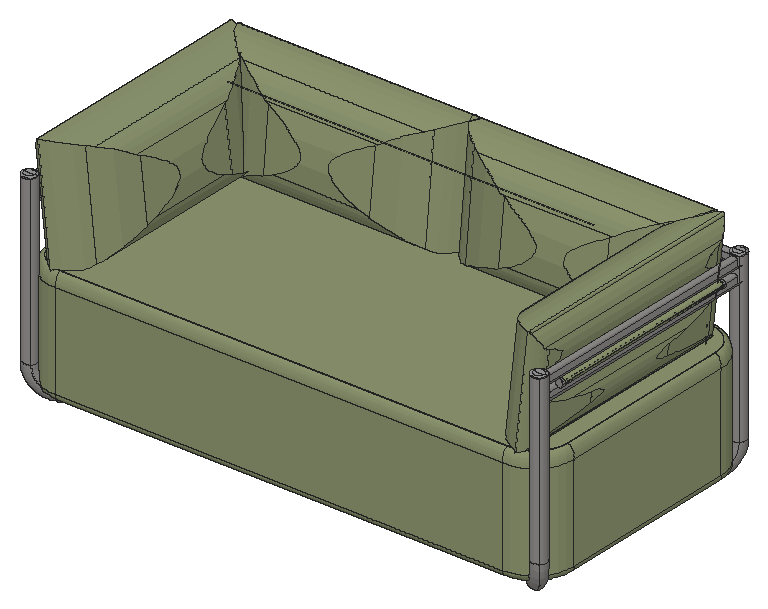
Revit family "FU_Modular_Sandler_Cosmo 1501", category Furniture, Revit 2020
Family settings
  OmniClass Number = 23.40.20.00
  OmniClass Title = General Furniture and Specialties
  Work Plane-Based = No
  Always vertical = Yes
  Cut with Voids When Loaded = No
  Shared = No
  Room Calculation Point = No
Parameters (values of type "Cosmo 1501")
  Width = 1740 mm
  URL = "https://www.sandlerseating.com/product/cosmo-1501/"
  Seat [instance] = Fabric - X2 - Algebra AK005
  Model = "Cosmo 1501"
  Manufacturer = "Sandler"
  Height = 800 mm
  Frame [instance] = Metal - Paint -AL VR - Pewter
  Description = "Upholstered, comfortable loveseat in the Cosmo range of modular seating. Features an exposed steel frame that comes in a variety of colors."
  Depth = 880 mm
  Default Elevation = 0 mm
Reference planes
  plane 1 "Center (Front/Back)": y = 0
  plane 2: z = 0
  plane 3 "Center (Left/Right)": x = 0
  plane 4 "Right": x = -870
  plane 5 "Left": x = 870
  plane 6 "Back": y = 440
  plane 7 "Front": y = -440
  plane 8 "Height": z = 800
  plane 9 "Seat height": z = 440
  plane 10 "Frame Base C RIGHT": z = 33.282
  plane 11 "Frame Front C RIGHT": y = -414.45
  plane 12 "Frame Back C RIGHT": y = 415.775
  plane 13 "Frame Left C FRONT": x = 845.501
  plane 14 "Frame Back Left C TOP": through (524.563, 94.979, 1200) normal (-0.7071, 0.7071, 0)
  plane 15 "Frame Front Left C TOP": through (524.497, -93.945, 1200) normal (0.7071, 0.7071, 0)
  plane 16 "Frame Right C FRONT": x = -845.501
  plane 17 "Frame Back Right C TOP": through (-524.563, 94.979, 1200) normal (-0.7071, -0.7071, 0)
  plane 18 "Frame Front Right C TOP": through (-524.497, -93.945, 1200) normal (0.7071, -0.7071, 0)
  plane 19: x = 430.068
  plane 20 "Frame Left C FRONT": x = 530.501
  plane 21 "Frame Back Left C TOP": through (209.563, 94.979, 1200) normal (-0.7071, 0.7071, 0)
  plane 22 "Frame Front Left C TOP": through (209.497, -93.945, 1200) normal (0.7071, 0.7071, 0)
  plane 23: x = 115.068
  plane 24: x = -430.068
  plane 25 "Frame Right C FRONT": x = -530.501
  plane 26 "Frame Back Right C TOP": through (-209.563, 94.979, 1200) normal (-0.7071, -0.7071, 0)
  plane 27 "Frame Front Right C TOP": through (-209.497, -93.945, 1200) normal (0.7071, -0.7071, 0)
  plane 28: x = -115.068
Forms (mm)
  Sweep 1, solid, material "Metal - Paint -AL VR - Pewter" <- "Frame"
    path origin (0, 0, 33.282) x (0, -1, 0) y (1, 0, 0)
      loop
        line (319.706, 750.757) -> (73.771, 504.822)
        arc (73.771, 504.822) -> (-0.733, 473.961) -> (-75.238, 504.822) r 105.365
        line (-75.238, 504.822) -> (-321.173, 750.757)
    profile "Pro_Circles : 48mm" origin (627.789, -196.738, 33.282) x (-0.707107, -0.707107, 0) y (0, 0, 1)
      loop
        arc (-23.967, 0.067) -> (-17.014, -16.92) -> (-0.066, -23.967) r 23.901
        arc (-0.066, -23.967) -> (16.967, -16.967) -> (23.967, 0.067) r 23.901
        arc (23.967, 0.067) -> (16.92, 17.014) -> (-0.067, 23.967) r 23.9
        arc (-0.067, 23.967) -> (-16.966, 16.966) -> (-23.967, 0.067) r 23.9
  Sweep 2, solid, material "Metal - Paint -AL VR - Pewter" <- "Frame"
    path origin (215.276, 215.276, 0) x (-0.707107, 0.707107, 0) y (0, 0, 1)
      loop
        line (-889.976, 691) -> (-889.976, 138.282)
        arc (-889.976, 138.282) -> (-859.222, 64.036) -> (-784.976, 33.282) r 105
        line (-784.976, 33.282) -> (-754.976, 33.282)
    profile "Pro_Circles : 48mm" origin (844.584, -414.032, 414.641) x (-0.707107, 0.707107, 0) y (0.707107, 0.707107, 0)
      loop
        arc (-23.967, 0.067) -> (-17.014, -16.92) -> (-0.066, -23.967) r 23.901
        arc (-0.066, -23.967) -> (16.967, -16.967) -> (23.967, 0.067) r 23.901
        arc (23.967, 0.067) -> (16.92, 17.014) -> (-0.067, 23.967) r 23.9
        arc (-0.067, 23.967) -> (-16.966, 16.966) -> (-23.967, 0.067) r 23.9
  Sweep 3, solid, material "Metal - Paint -AL VR - Pewter" <- "Frame"
    path origin (214.792, -214.792, 0) x (-0.707107, -0.707107, 0) y (0, 0, 1)
      loop
        line (-889.976, 691) -> (-889.976, 138.282)
        arc (-889.976, 138.282) -> (-859.222, 64.036) -> (-784.976, 33.282) r 105
        line (-784.976, 33.282) -> (-754.976, 33.282)
    profile "Pro_Circles : 48mm" origin (844.1, 414.516, 414.641) x (-0.707107, -0.707107, 0) y (-0.707107, 0.707107, 0)
      loop
        arc (23.967, 0.067) -> (16.966, 16.966) -> (0.067, 23.967) r 23.9
        arc (0.067, 23.967) -> (-16.92, 17.014) -> (-23.967, 0.067) r 23.9
        arc (-23.967, 0.067) -> (-16.967, -16.967) -> (0.066, -23.967) r 23.901
        arc (0.066, -23.967) -> (17.014, -16.92) -> (23.967, 0.067) r 23.901
  Sweep 4, solid, material "Metal - Paint -AL VR - Pewter" <- "Frame"
    path origin (0, 0, 33.282) x (0, -1, 0) y (-1, 0, 0)
      loop
        line (319.955, 750.508) -> (74.02, 504.573)
        arc (74.02, 504.573) -> (-0.484, 473.712) -> (-74.988, 504.573) r 105.365
        line (-74.988, 504.573) -> (-321.173, 750.757)
    profile "Pro_Circles : 48mm" origin (-627.54, -196.988, 33.282) x (-0.707107, 0.707107, 0) y (0, 0, 1)
      loop
        arc (23.967, 0.067) -> (16.966, 16.966) -> (0.067, 23.967) r 23.9
        arc (0.067, 23.967) -> (-16.92, 17.014) -> (-23.967, 0.067) r 23.9
        arc (-23.967, 0.067) -> (-16.967, -16.967) -> (0.066, -23.967) r 23.901
        arc (0.066, -23.967) -> (17.014, -16.92) -> (23.967, 0.067) r 23.901
  Sweep 5, solid, material "Metal - Paint -AL VR - Pewter" <- "Frame"
    path origin (-530.47, -99.918, 0) x (0.707107, 0.707107, 0) y (0, 0, 1)
      loop
        line (-444.498, 691) -> (-444.498, 138.282)
        arc (-444.498, 138.282) -> (-413.745, 64.036) -> (-339.498, 33.282) r 105
        line (-339.498, 33.282) -> (-309.498, 33.282)
    profile "Pro_Circles : 48mm" origin (-844.778, -414.226, 414.641) x (-0.707107, -0.707107, 0) y (-0.707107, 0.707107, 0)
      loop
        arc (23.967, 0.067) -> (16.966, 16.966) -> (0.067, 23.967) r 23.9
        arc (0.067, 23.967) -> (-16.92, 17.014) -> (-23.967, 0.067) r 23.9
        arc (-23.967, 0.067) -> (-16.967, -16.967) -> (0.066, -23.967) r 23.901
        arc (0.066, -23.967) -> (17.014, -16.92) -> (23.967, 0.067) r 23.901
  Sweep 6, solid, material "Metal - Paint -AL VR - Pewter" <- "Frame"
    path origin (-529.587, 100.003, 0) x (0.707107, -0.707107, 0) y (0, 0, 1)
      loop
        line (-444.498, 691) -> (-444.498, 138.282)
        arc (-444.498, 138.282) -> (-413.745, 64.036) -> (-339.498, 33.282) r 105
        line (-339.498, 33.282) -> (-309.498, 33.282)
    profile "Pro_Circles : 48mm" origin (-843.895, 414.31, 414.641) x (-0.707107, 0.707107, 0) y (0.707107, 0.707107, 0)
      loop
        arc (-23.967, 0.067) -> (-17.014, -16.92) -> (-0.066, -23.967) r 23.901
        arc (-0.066, -23.967) -> (16.967, -16.967) -> (23.967, 0.067) r 23.901
        arc (23.967, 0.067) -> (16.92, 17.014) -> (-0.067, 23.967) r 23.9
        arc (-0.067, 23.967) -> (-16.966, 16.966) -> (-23.967, 0.067) r 23.9
  Sweep 7, solid, material "Metal - Paint -AL VR - Pewter" <- "Frame"
    path origin (845.501, 0, 0) x (0, 0, 1) y (0, -1, 0)
      loop
        line (667.4, 414.45) -> (667.4, -415.775)
    profile "Pro_Cosmo_Oval Tube : Pro_Cosmo_Oval Tube" origin (845.501, 0.662, 667.4) x (0, 0, 1) y (1, 0, 0)
      loop
        arc (-10.07, 10) -> (-20.07, 0) -> (-10.07, -10) r 10
        line (-10.07, -10) -> (10.07, -10)
        arc (10.07, -10) -> (20.07, 0) -> (10.07, 10) r 10
        line (10.07, 10) -> (-10.07, 10)
  Sweep 8, solid, material "Metal - Paint -AL VR - Pewter" <- "Frame"
    path origin (845.501, 0, 0) x (0, 0, 1) y (0, -1, 0)
      loop
        line (617.39, -415.775) -> (617.39, 414.45)
    profile "Pro_Cosmo_Oval Tube : Pro_Cosmo_Oval Tube" origin (845.501, 0.662, 617.39) x (0, 0, -1) y (1, 0, 0)
      loop
        arc (-10.07, 10) -> (-20.07, 0) -> (-10.07, -10) r 10
        line (-10.07, -10) -> (10.07, -10)
        arc (10.07, -10) -> (20.07, 0) -> (10.07, 10) r 10
        line (10.07, 10) -> (-10.07, 10)
  Sweep 9, solid, material "Metal - Paint -AL VR - Pewter" <- "Frame"
    path origin (845.501, 0, 0) x (0, 0, 1) y (0, -1, 0)
      loop
        line (642.954, -318.158) -> (642.954, 352.842)
    profile "Pro_Circles : 20mm" origin (845.501, -17.342, 642.954) x (0, 0, -1) y (1, 0, 0)
      loop
        arc (-9.967, 18.567) -> (-7.115, 11.48) -> (-0.067, 8.533) r 9.901
        arc (-0.067, 8.533) -> (7.068, 11.432) -> (9.967, 18.567) r 9.901
        arc (9.967, 18.567) -> (7.02, 25.615) -> (-0.067, 28.467) r 9.901
        arc (-0.067, 28.467) -> (-7.067, 25.567) -> (-9.967, 18.567) r 9.9
  Sweep 10, solid, material "Metal - Paint -AL VR - Pewter" <- "Frame"
    path origin (845.501, -0.925, 0) x (0, 0, 1) y (0, -1, 0)
      loop
        line (642.954, 344.821) -> (642.954, 352.842)
    profile "Pro_Circles : 24mm" origin (845.501, -349.757, 642.954) x (0, 0, -1) y (1, 0, 0)
      loop
        arc (-11.967, 18.567) -> (-8.529, 10.066) -> (-0.067, 6.533) r 11.901
        arc (-0.067, 6.533) -> (8.482, 10.018) -> (11.967, 18.567) r 11.901
        arc (11.967, 18.567) -> (8.434, 27.029) -> (-0.067, 30.467) r 11.901
        arc (-0.067, 30.467) -> (-8.481, 26.981) -> (-11.967, 18.567) r 11.9
  Sweep 11, solid, material "Metal - Paint -AL VR - Pewter" <- "Frame"
    path origin (845.501, -33.679, 0) x (0, 0, 1) y (0, 1, 0)
      loop
        line (642.954, 344.821) -> (642.954, 352.842)
    profile "Pro_Circles : 24mm" origin (845.501, 315.153, 642.954) x (0, 0, 1) y (1, 0, 0)
      loop
        arc (11.967, 18.567) -> (8.481, 26.981) -> (0.067, 30.467) r 11.9
        arc (0.067, 30.467) -> (-8.434, 27.029) -> (-11.967, 18.567) r 11.901
        arc (-11.967, 18.567) -> (-8.482, 10.018) -> (0.067, 6.533) r 11.901
        arc (0.067, 6.533) -> (8.529, 10.066) -> (11.967, 18.567) r 11.901
  Sweep 12, solid, material "Metal - Paint -AL VR - Pewter" <- "Frame"
    path origin (-845.501, 0, 0) x (0, 0, 1) y (0, -1, 0)
      loop
        line (667.4, 414.45) -> (667.4, -415.775)
    profile "Pro_Cosmo_Oval Tube : Pro_Cosmo_Oval Tube" origin (-845.501, 0.662, 667.4) x (0, 0, -1) y (-1, 0, 0)
      loop
        line (-10.07, -10) -> (10.07, -10)
        arc (10.07, -10) -> (20.07, 0) -> (10.07, 10) r 10
        line (10.07, 10) -> (-10.07, 10)
        arc (-10.07, 10) -> (-20.07, 0) -> (-10.07, -10) r 10
  Sweep 13, solid, material "Metal - Paint -AL VR - Pewter" <- "Frame"
    path origin (-845.501, 0, 0) x (0, 0, 1) y (0, -1, 0)
      loop
        line (617.39, -415.775) -> (617.39, 414.45)
    profile "Pro_Cosmo_Oval Tube : Pro_Cosmo_Oval Tube" origin (-845.501, 0.662, 617.39) x (0, 0, 1) y (-1, 0, 0)
      loop
        line (-10.07, -10) -> (10.07, -10)
        arc (10.07, -10) -> (20.07, 0) -> (10.07, 10) r 10
        line (10.07, 10) -> (-10.07, 10)
        arc (-10.07, 10) -> (-20.07, 0) -> (-10.07, -10) r 10
  Sweep 14, solid, material "Metal - Paint -AL VR - Pewter" <- "Frame"
    path origin (0, 415.775, 0) x (0, 0, 1) y (1, 0, 0)
      loop
        line (667.39, -845.832) -> (667.39, 845.168)
    profile "Pro_Cosmo_Oval Tube : Pro_Cosmo_Oval Tube" origin (-0.332, 415.775, 667.39) x (0, 0, -1) y (0, 1, 0)
      loop
        arc (-10.07, 10) -> (-20.07, 0) -> (-10.07, -10) r 10
        line (-10.07, -10) -> (10.07, -10)
        arc (10.07, -10) -> (20.07, 0) -> (10.07, 10) r 10
        line (10.07, 10) -> (-10.07, 10)
  Sweep 15, solid, material "Metal - Paint -AL VR - Pewter" <- "Frame"
    path origin (0, 415.775, 0) x (0, 0, 1) y (1, 0, 0)
      loop
        line (619.39, -845.832) -> (619.39, 845.168)
    profile "Pro_Cosmo_Oval Tube : Pro_Cosmo_Oval Tube" origin (-0.332, 415.775, 619.39) x (0, 0, -1) y (0, 1, 0)
      loop
        arc (-10.07, 10) -> (-20.07, 0) -> (-10.07, -10) r 10
        line (-10.07, -10) -> (10.07, -10)
        arc (10.07, -10) -> (20.07, 0) -> (10.07, 10) r 10
        line (10.07, 10) -> (-10.07, 10)
  Sweep 16, solid, material "Metal - Paint -AL VR - Pewter" <- "Frame"
    path origin (-75.636, 440, 0) x (-1, 0, 0) y (0, 0, 1)
      loop
        line (649, 643.39) -> (-14.693, 643.39)
    profile "Pro_Circles : 20mm" origin (-392.789, 440, 643.39) x (0, 0, -1) y (0, 1, 0)
      loop
        arc (-9.967, -5.933) -> (-7.115, -13.02) -> (-0.067, -15.967) r 9.901
        arc (-0.067, -15.967) -> (7.068, -13.068) -> (9.967, -5.933) r 9.901
        arc (9.967, -5.933) -> (7.02, 1.115) -> (-0.067, 3.967) r 9.901
        arc (-0.067, 3.967) -> (-7.067, 1.067) -> (-9.967, -5.933) r 9.9
  Sweep 17, solid, material "Metal - Paint -AL VR - Pewter" <- "Frame"
    path origin (-702.918, 415.775, 0) x (0, 0, 1) y (1, 0, 0)
      loop
        line (643.39, 640.957) -> (643.39, 648.957)
    profile "Pro_Circles : 24mm" origin (-57.96, 415.775, 643.39) x (0, 0, -1) y (0, 1, 0)
      loop
        arc (-11.967, 18.567) -> (-8.529, 10.066) -> (-0.067, 6.533) r 11.901
        arc (-0.067, 6.533) -> (8.482, 10.018) -> (11.967, 18.567) r 11.901
        arc (11.967, 18.567) -> (8.434, 27.029) -> (-0.067, 30.467) r 11.901
        arc (-0.067, 30.467) -> (-8.481, 26.981) -> (-11.967, 18.567) r 11.9
  Sweep 18, solid, material "Metal - Paint -AL VR - Pewter" <- "Frame"
    path origin (-845.501, 0, 0) x (0, 0, 1) y (0, -1, 0)
      loop
        line (642.954, -318.158) -> (642.954, 352.842)
    profile "Pro_Circles : 20mm" origin (-845.501, -17.342, 642.954) x (0, 0, 1) y (-1, 0, 0)
      loop
        arc (9.967, 18.567) -> (7.067, 25.567) -> (0.067, 28.467) r 9.9
        arc (0.067, 28.467) -> (-7.02, 25.615) -> (-9.967, 18.567) r 9.901
        arc (-9.967, 18.567) -> (-7.068, 11.432) -> (0.067, 8.533) r 9.901
        arc (0.067, 8.533) -> (7.115, 11.48) -> (9.967, 18.567) r 9.901
  Sweep 19, solid, material "Metal - Paint -AL VR - Pewter" <- "Frame"
    path origin (-845.501, 0, 0) x (0, 0, 1) y (0, -1, 0)
      loop
        line (642.954, 345.746) -> (642.954, 353.767)
    profile "Pro_Circles : 24mm" origin (-845.501, -349.757, 642.954) x (0, 0, 1) y (-1, 0, 0)
      loop
        arc (11.967, 18.567) -> (8.481, 26.981) -> (0.067, 30.467) r 11.9
        arc (0.067, 30.467) -> (-8.434, 27.029) -> (-11.967, 18.567) r 11.901
        arc (-11.967, 18.567) -> (-8.482, 10.018) -> (0.067, 6.533) r 11.901
        arc (0.067, 6.533) -> (8.529, 10.066) -> (11.967, 18.567) r 11.901
  Sweep 20, solid, material "Metal - Paint -AL VR - Pewter" <- "Frame"
    path origin (-845.501, 0, 0) x (0, 0, 1) y (0, -1, 0)
      loop
        line (642.954, -311.142) -> (642.954, -319.163)
    profile "Pro_Circles : 24mm" origin (-845.501, 315.153, 642.954) x (0, 0, -1) y (-1, 0, 0)
      loop
        arc (-11.967, 18.567) -> (-8.529, 10.066) -> (-0.067, 6.533) r 11.901
        arc (-0.067, 6.533) -> (8.482, 10.018) -> (11.967, 18.567) r 11.901
        arc (11.967, 18.567) -> (8.434, 27.029) -> (-0.067, 30.467) r 11.901
        arc (-0.067, 30.467) -> (-8.481, 26.981) -> (-11.967, 18.567) r 11.9
  Sweep 21, solid, material "Metal - Paint -AL VR - Pewter" <- "Frame"
    path origin (-77.003, 415.775, 0) x (0, 0, 1) y (-1, 0, 0)
      loop
        line (643.39, 640.957) -> (643.39, 648.957)
    profile "Pro_Circles : 24mm" origin (-721.96, 415.775, 643.39) x (0, 0, 1) y (0, 1, 0)
      loop
        arc (11.967, 18.567) -> (8.481, 26.981) -> (0.067, 30.467) r 11.9
        arc (0.067, 30.467) -> (-8.434, 27.029) -> (-11.967, 18.567) r 11.901
        arc (-11.967, 18.567) -> (-8.482, 10.018) -> (0.067, 6.533) r 11.901
        arc (0.067, 6.533) -> (8.529, 10.066) -> (11.967, 18.567) r 11.901
  Revolve 22, solid, material "Rubber, Black"
    sketch origin (-0.781, -414.45, 0) x (0, 0, -1) y (1, 0, 0)
      loop
        line (-695.421, 845.33) -> (-695.421, 826.266)
        arc (-695.421, 826.266) -> (-694.22, 823.04) -> (-691.201, 821.385) r 4.933
        arc (-691.201, 821.385) -> (-690.636, 821.55) -> (-690.39, 822.086) r 0.708
        line (-690.39, 822.086) -> (-690.39, 823.836) -> (-685.421, 823.836) -> (-685.421, 845.33) -> (-695.421, 845.33)
      axis (-695.421, 845.33) -> (-685.421, 845.33)
    angle from 0 to 360
  Revolve 23, solid, material "Rubber, Black"
    sketch origin (0.781, -414.45, 0) x (0, 0, -1) y (-1, 0, 0)
      loop
        line (-695.421, 845.33) -> (-695.421, 826.266)
        arc (-695.421, 826.266) -> (-694.22, 823.04) -> (-691.201, 821.385) r 4.933
        arc (-691.201, 821.385) -> (-690.636, 821.55) -> (-690.39, 822.086) r 0.708
        line (-690.39, 822.086) -> (-690.39, 823.836) -> (-685.421, 823.836) -> (-685.421, 845.33) -> (-695.421, 845.33)
      axis (-695.421, 845.33) -> (-685.421, 845.33)
    angle from 0 to 360
  Revolve 24, solid, material "Rubber, Black"
    sketch origin (-0.781, 414.001, 0) x (0, 0, -1) y (-1, 0, 0)
      loop
        line (-695.421, -845.33) -> (-685.421, -845.33) -> (-685.421, -823.836) -> (-690.39, -823.836) -> (-690.39, -822.086)
        arc (-690.39, -822.086) -> (-690.636, -821.55) -> (-691.201, -821.385) r 0.708
        arc (-691.201, -821.385) -> (-694.22, -823.04) -> (-695.421, -826.266) r 4.933
        line (-695.421, -826.266) -> (-695.421, -845.33)
      axis (-695.421, -845.33) -> (-685.421, -845.33)
    angle from 0 to 360
  Revolve 25, solid, material "Rubber, Black"
    sketch origin (0.781, 414.001, 0) x (0, 0, -1) y (-1, 0, 0)
      loop
        line (-695.421, 845.33) -> (-695.421, 826.266)
        arc (-695.421, 826.266) -> (-694.22, 823.04) -> (-691.201, 821.385) r 4.933
        arc (-691.201, 821.385) -> (-690.636, 821.55) -> (-690.39, 822.086) r 0.708
        line (-690.39, 822.086) -> (-690.39, 823.836) -> (-685.421, 823.836) -> (-685.421, 845.33) -> (-695.421, 845.33)
      axis (-695.421, 845.33) -> (-685.421, 845.33)
    angle from 0 to 360
  Extrusion 26, solid, material "Rubber, Black"
    sketch origin (0, 0, 0) x (1, 0, 0) y (0, 1, 0)
      loop
        circle (699.746, 270.162) r 12.5
    from 0 to 33.282
  Extrusion 27, solid, material "Rubber, Black"
    sketch origin (0, 0, 0) x (1, 0, 0) y (0, 1, 0)
      loop
        circle (699.746, -270.162) r 12.5
    from 0 to 33.282
  Extrusion 28, solid, material "Rubber, Black"
    sketch origin (0, 0, 0) x (-1, 0, 0) y (0, -1, 0)
      loop
        circle (699.746, -270.162) r 12.5
    from 0 to 33.282
  Extrusion 29, solid, material "Rubber, Black"
    sketch origin (0, 0, 0) x (-1, 0, 0) y (0, -1, 0)
      loop
        circle (699.746, 270.162) r 12.5
    from 0 to 33.282
  Extrusion 30, solid, material "Fabric - X2 - Algebra AK005" <- "Seat"
    sketch origin (0, 0, 33.282) x (0, -1, 0) y (1, 0, 0)
      loop
        arc (-415.775, -740.667) -> (-383.557, -818.448) -> (-305.775, -850.667) r 110
        line (-305.775, -850.667) -> (304.45, -850.667)
        arc (304.45, -850.667) -> (382.232, -818.448) -> (414.45, -740.667) r 110
        line (414.45, -740.667) -> (414.45, 740.667)
        arc (414.45, 740.667) -> (382.232, 818.448) -> (304.45, 850.667) r 110
        line (304.45, 850.667) -> (-305.775, 850.667)
        arc (-305.775, 850.667) -> (-383.557, 818.448) -> (-415.775, 740.667) r 110
        line (-415.775, 740.667) -> (-415.775, -740.667)
    from 25.7 to 406.718
  Sweep 31, solid, material "Fabric - X2 - Algebra AK005" <- "Seat"
    path in 3D
      loop
        arc (-850.667, -304.45, 440) -> (-818.448, -382.232, 440) -> (-740.667, -414.45, 440) r 110
        line (-740.667, -414.45, 440) -> (740.667, -414.45, 440)
        arc (740.667, -414.45, 440) -> (818.448, -382.232, 440) -> (850.667, -304.45, 440) r 110
        line (850.667, -304.45, 440) -> (850.667, 305.775, 440)
        arc (850.667, 305.775, 440) -> (818.448, 383.557, 440) -> (740.667, 415.775, 440) r 110
        line (740.667, 415.775, 440) -> (-740.667, 415.775, 440)
        arc (-740.667, 415.775, 440) -> (-818.448, 383.557, 440) -> (-850.667, 305.775, 440) r 110
        line (-850.667, 305.775, 440) -> (-850.667, -304.45, 440)
    profile "Pro_Cosmo_SeatEdge : Pro_Cosmo_SeatEdge" origin (-850.667, 0.662, 440) x (1, 0, 0) y (0, 0, 1)
      loop
        line (-21, -42) -> (-21, -360)
        arc (-21, -360) -> (-14.849, -374.849) -> (0, -381) r 21
        line (0, -381) -> (0, 0)
        spline (0, 0) -> (-2.741, -0.359) -> (-5.435, -1.431) -> (-8.036, -3.197) -> (-10.5, -5.627) -> (-12.784, -8.679) -> (-14.849, -12.302) -> (-16.66, -16.432) -> (-18.187, -21) -> (-19.401, -25.927) -> (-20.284, -31.13) -> (-20.82, -36.518) -> (-21, -42)
  Sweep 32, solid, material "Metal - Paint -AL VR - Pewter" <- "Frame"
    path origin (75.636, 440, 0) x (1, 0, 0) y (0, 0, 1)
      loop
        line (649, 643.39) -> (-14.693, 643.39)
    profile "Pro_Circles : 20mm" origin (392.789, 440, 643.39) x (0, 0, 1) y (0, 1, 0)
      loop
        arc (9.967, -5.933) -> (7.067, 1.067) -> (0.067, 3.967) r 9.9
        arc (0.067, 3.967) -> (-7.02, 1.115) -> (-9.967, -5.933) r 9.901
        arc (-9.967, -5.933) -> (-7.068, -13.068) -> (0.067, -15.967) r 9.901
        arc (0.067, -15.967) -> (7.115, -13.02) -> (9.967, -5.933) r 9.901
  Sweep 33, solid, material "Metal - Paint -AL VR - Pewter" <- "Frame"
    path origin (702.918, 415.775, 0) x (0, 0, 1) y (-1, 0, 0)
      loop
        line (643.39, 640.957) -> (643.39, 648.957)
    profile "Pro_Circles : 24mm" origin (57.96, 415.775, 643.39) x (0, 0, 1) y (0, 1, 0)
      loop
        arc (11.967, 18.567) -> (8.481, 26.981) -> (0.067, 30.467) r 11.9
        arc (0.067, 30.467) -> (-8.434, 27.029) -> (-11.967, 18.567) r 11.901
        arc (-11.967, 18.567) -> (-8.482, 10.018) -> (0.067, 6.533) r 11.901
        arc (0.067, 6.533) -> (8.529, 10.066) -> (11.967, 18.567) r 11.901
  Sweep 34, solid, material "Metal - Paint -AL VR - Pewter" <- "Frame"
    path origin (77.003, 415.775, 0) x (0, 0, 1) y (1, 0, 0)
      loop
        line (643.39, 640.957) -> (643.39, 648.957)
    profile "Pro_Circles : 24mm" origin (721.96, 415.775, 643.39) x (0, 0, -1) y (0, 1, 0)
      loop
        arc (-11.967, 18.567) -> (-8.529, 10.066) -> (-0.067, 6.533) r 11.901
        arc (-0.067, 6.533) -> (8.482, 10.018) -> (11.967, 18.567) r 11.901
        arc (11.967, 18.567) -> (8.434, 27.029) -> (-0.067, 30.467) r 11.901
        arc (-0.067, 30.467) -> (-8.481, 26.981) -> (-11.967, 18.567) r 11.9
Cuts and joins
  joined: Sweep 9, Sweep 10, Sweep 11
  joined: Sweep 18, Sweep 19, Sweep 20
  joined: Sweep 16, Sweep 17, Sweep 21
Lines and regions (mm)
  sketch lines
    curve 1: line (-850.667, 305.775, 440) -> (-850.667, -304.45, 440)
    curve 2: arc (-740.667, -414.45, 440) -> (-818.448, -382.232, 440) -> (-850.667, -304.45, 440) r 110
    curve 3: line (-740.667, -414.45, 440) -> (740.667, -414.45, 440)
    curve 4: arc (850.667, -304.45, 440) -> (818.448, -382.232, 440) -> (740.667, -414.45, 440) r 110
    curve 5: line (850.667, -304.45, 440) -> (850.667, 305.775, 440)
    curve 6: arc (740.667, 415.775, 440) -> (818.448, 383.557, 440) -> (850.667, 305.775, 440) r 110
    curve 7: line (740.667, 415.775, 440) -> (-740.667, 415.775, 440)
    curve 8: arc (-850.667, 305.775, 440) -> (-818.448, 383.557, 440) -> (-740.667, 415.775, 440) r 110
Dimensions and locks
  equal spacing: plane 4 "Right", plane 3 "Center (Left/Right)", plane 5 "Left"
  "Width": plane 4 "Right" to plane 5 "Left"
  equal spacing: plane 6 "Back", plane 1 "Center (Front/Back)", plane 7 "Front"
  "Depth": plane 6 "Back" to plane 7 "Front"
  "Height": plane 8 "Height" to level
  plane 9 "Seat height" to level = 440 mm
  locked: plane 4 "Right" to plane 16 "Frame Right C FRONT" at 24.499
  locked: plane 13 "Frame Left C FRONT" to plane 5 "Left" at 24.499
  locked: plane 19 to plane 13 "Frame Left C FRONT" at 415.433
  locked: plane 16 "Frame Right C FRONT" to plane 24 at 415.433
  aligned and locked: level to plane 2
  aligned and locked: Sweep 4 sketch curve to plane 18 "Frame Front Right C TOP"
  aligned and locked: Sweep 4 sketch curve to plane 17 "Frame Back Right C TOP"
Automatic sketch dimensions
  Sweep 1 sketch curve to plane 14 "Frame Back Left C TOP" = 0 mm  (x2)
  plane 19 to Sweep 1 sketch curve = 74.754 mm
  Sweep 1 sketch curve to plane 1 "Center (Front/Back)" = 0.733 mm
  plane 1 "Center (Front/Back)" to Sweep 1 sketch curve = 73.771 mm
  Sweep 1 sketch curve to Sweep 1 sketch curve = 74.504 mm
  Sweep 1 sketch curve to plane 12 "Frame Back C RIGHT" = 94.602 mm
  Sweep 1 sketch curve to plane 11 "Frame Front C RIGHT" = 94.744 mm
  Sweep 1 sketch curve to plane 13 "Frame Left C FRONT" = 94.744 mm
  plane 10 "Frame Base C RIGHT" to Sweep 2 sketch curve = 0 mm
  plane 10 "Frame Base C RIGHT" to Sweep 2 sketch curve = 105 mm
  Sweep 2 sketch curve to plane 14 "Frame Back Left C TOP" = 586.214 mm
  Sweep 2 sketch curve to Sweep 2 sketch curve = 30 mm
  Sweep 2 sketch curve to plane 8 "Height" = 109 mm
  plane 10 "Frame Base C RIGHT" to Sweep 3 sketch curve = 0 mm
  plane 10 "Frame Base C RIGHT" to Sweep 3 sketch curve = 105 mm
  plane 15 "Frame Front Left C TOP" to Sweep 3 sketch curve = 585.529 mm
  Sweep 3 sketch curve to Sweep 3 sketch curve = 30 mm
  Sweep 3 sketch curve to plane 8 "Height" = 109 mm
  plane 24 to Sweep 4 sketch curve = 74.504 mm
  Sweep 4 sketch curve to plane 1 "Center (Front/Back)" = 74.02 mm
  Sweep 4 sketch curve to Sweep 4 sketch curve = 74.504 mm
  plane 12 "Frame Back C RIGHT" to Sweep 4 sketch curve = 94.602 mm
  plane 11 "Frame Front C RIGHT" to Sweep 4 sketch curve = 94.495 mm
  plane 10 "Frame Base C RIGHT" to Sweep 5 sketch curve = 0 mm
  Sweep 5 sketch curve to plane 10 "Frame Base C RIGHT" = 105 mm
  plane 17 "Frame Back Right C TOP" to Sweep 5 sketch curve = 586.488 mm
  Sweep 5 sketch curve to Sweep 5 sketch curve = 30 mm
  plane 8 "Height" to Sweep 5 sketch curve = 109 mm
  plane 10 "Frame Base C RIGHT" to Sweep 6 sketch curve = 0 mm
  Sweep 6 sketch curve to plane 10 "Frame Base C RIGHT" = 105 mm
  Sweep 6 sketch curve to plane 18 "Frame Front Right C TOP" = 585.239 mm
  Sweep 6 sketch curve to Sweep 6 sketch curve = 30 mm
  plane 8 "Height" to Sweep 6 sketch curve = 109 mm
  Sweep 7 sketch curve to plane 12 "Frame Back C RIGHT" = 0 mm
  Sweep 7 sketch curve to plane 11 "Frame Front C RIGHT" = 0 mm
  Sweep 7 sketch curve to plane 8 "Height" = 132.6 mm
  Sweep 8 sketch curve to plane 11 "Frame Front C RIGHT" = 0 mm
  Sweep 8 sketch curve to plane 12 "Frame Back C RIGHT" = 0 mm
  plane 9 "Seat height" to Sweep 8 sketch curve = 177.39 mm
  Sweep 9 sketch curve to plane 11 "Frame Front C RIGHT" = 61.608 mm
  Sweep 9 sketch curve to plane 8 "Height" = 157.046 mm
  Sweep 9 sketch curve to plane 12 "Frame Back C RIGHT" = 97.617 mm
  Sweep 10 sketch curve to plane 11 "Frame Front C RIGHT" = 60.683 mm
  Sweep 10 sketch curve to plane 8 "Height" = 157.046 mm
  Sweep 10 sketch curve to Sweep 10 sketch curve = 8.021 mm
  plane 8 "Height" to Sweep 11 sketch curve = 157.046 mm
  plane 12 "Frame Back C RIGHT" to Sweep 11 sketch curve = 104.633 mm
  Sweep 11 sketch curve to Sweep 11 sketch curve = 8.021 mm
  Sweep 12 sketch curve to plane 12 "Frame Back C RIGHT" = 0 mm
  Sweep 12 sketch curve to plane 11 "Frame Front C RIGHT" = 0 mm
  plane 8 "Height" to Sweep 12 sketch curve = 132.6 mm
  Sweep 13 sketch curve to plane 11 "Frame Front C RIGHT" = 0 mm
  Sweep 13 sketch curve to plane 12 "Frame Back C RIGHT" = 0 mm
  Sweep 13 sketch curve to plane 9 "Seat height" = 177.39 mm
  Sweep 14 sketch curve to plane 13 "Frame Left C FRONT" = 0.333 mm
  Sweep 14 sketch curve to plane 8 "Height" = 132.61 mm
  plane 16 "Frame Right C FRONT" to Sweep 14 sketch curve = 0.331 mm
  Sweep 15 sketch curve to plane 13 "Frame Left C FRONT" = 0.333 mm
  plane 9 "Seat height" to Sweep 15 sketch curve = 179.39 mm
  plane 16 "Frame Right C FRONT" to Sweep 15 sketch curve = 0.331 mm
  Sweep 16 sketch curve to plane 3 "Center (Left/Right)" = 60.943 mm
  Sweep 16 sketch curve to plane 8 "Height" = 156.61 mm
  Sweep 16 sketch curve to plane 16 "Frame Right C FRONT" = 120.865 mm
  Sweep 17 sketch curve to plane 3 "Center (Left/Right)" = 53.96 mm
  Sweep 17 sketch curve to plane 8 "Height" = 156.61 mm
  Sweep 17 sketch curve to Sweep 17 sketch curve = 8 mm
  plane 11 "Frame Front C RIGHT" to Sweep 18 sketch curve = 61.608 mm
  plane 8 "Height" to Sweep 18 sketch curve = 157.046 mm
  plane 12 "Frame Back C RIGHT" to Sweep 18 sketch curve = 97.617 mm
  plane 11 "Frame Front C RIGHT" to Sweep 19 sketch curve = 60.683 mm
  plane 8 "Height" to Sweep 19 sketch curve = 157.046 mm
  Sweep 19 sketch curve to Sweep 19 sketch curve = 8.021 mm
  plane 8 "Height" to Sweep 20 sketch curve = 157.046 mm
  plane 12 "Frame Back C RIGHT" to Sweep 20 sketch curve = 96.612 mm
  Sweep 20 sketch curve to Sweep 20 sketch curve = 8.021 mm
  plane 8 "Height" to Sweep 21 sketch curve = 156.61 mm
  plane 16 "Frame Right C FRONT" to Sweep 21 sketch curve = 127.541 mm
  Sweep 21 sketch curve to Sweep 21 sketch curve = 8 mm
  Revolve 22 sketch curve to plane 13 "Frame Left C FRONT" = 0.952 mm  (x2)
  Revolve 22 sketch curve to plane 8 "Height" = 104.579 mm
  Revolve 22 sketch curve to Revolve 22 sketch curve = 4.322 mm
  Revolve 22 sketch curve to Revolve 22 sketch curve = 0.611 mm
  Revolve 22 sketch curve to Revolve 22 sketch curve = 0.708 mm
  Revolve 22 sketch curve to Revolve 22 sketch curve = 4.97 mm
  Revolve 22 sketch curve to Revolve 22 sketch curve = 19.065 mm
  Revolve 22 sketch curve to Revolve 22 sketch curve = 2.43 mm
  Revolve 22 sketch curve to Revolve 22 sketch curve = 1.75 mm
  Revolve 22 sketch curve to Revolve 22 sketch curve = 7.372 mm
  Revolve 22 sketch curve to Revolve 22 sketch curve = 19.192 mm
  plane 16 "Frame Right C FRONT" to Revolve 23 sketch curve = 0.952 mm  (x2)
  plane 8 "Height" to Revolve 23 sketch curve = 104.579 mm
  Revolve 23 sketch curve to Revolve 23 sketch curve = 4.322 mm
  Revolve 23 sketch curve to Revolve 23 sketch curve = 0.611 mm
  Revolve 23 sketch curve to Revolve 23 sketch curve = 0.708 mm
  Revolve 23 sketch curve to Revolve 23 sketch curve = 4.97 mm
  Revolve 23 sketch curve to Revolve 23 sketch curve = 19.065 mm
  Revolve 23 sketch curve to Revolve 23 sketch curve = 2.43 mm
  Revolve 23 sketch curve to Revolve 23 sketch curve = 1.75 mm
  Revolve 23 sketch curve to Revolve 23 sketch curve = 7.372 mm
  Revolve 23 sketch curve to Revolve 23 sketch curve = 19.192 mm
  Revolve 24 sketch curve to plane 13 "Frame Left C FRONT" = 0.952 mm  (x2)
  Revolve 24 sketch curve to plane 8 "Height" = 104.579 mm
  Revolve 24 sketch curve to Revolve 24 sketch curve = 4.322 mm
  Revolve 24 sketch curve to Revolve 24 sketch curve = 0.611 mm
  Revolve 24 sketch curve to Revolve 24 sketch curve = 0.708 mm
  Revolve 24 sketch curve to Revolve 24 sketch curve = 4.97 mm
  Revolve 24 sketch curve to Revolve 24 sketch curve = 19.065 mm
  Revolve 24 sketch curve to Revolve 24 sketch curve = 2.43 mm
  Revolve 24 sketch curve to Revolve 24 sketch curve = 1.75 mm
  Revolve 24 sketch curve to Revolve 24 sketch curve = 7.372 mm
  Revolve 24 sketch curve to Revolve 24 sketch curve = 19.192 mm
  Revolve 25 sketch curve to plane 16 "Frame Right C FRONT" = 0.952 mm  (x2)
  Revolve 25 sketch curve to plane 8 "Height" = 104.579 mm
  Revolve 25 sketch curve to Revolve 25 sketch curve = 4.322 mm
  Revolve 25 sketch curve to Revolve 25 sketch curve = 0.611 mm
  Revolve 25 sketch curve to Revolve 25 sketch curve = 0.708 mm
  Revolve 25 sketch curve to Revolve 25 sketch curve = 4.97 mm
  Revolve 25 sketch curve to Revolve 25 sketch curve = 19.065 mm
  Revolve 25 sketch curve to Revolve 25 sketch curve = 2.43 mm
  Revolve 25 sketch curve to Revolve 25 sketch curve = 1.75 mm
  Revolve 25 sketch curve to Revolve 25 sketch curve = 7.372 mm
  Revolve 25 sketch curve to Revolve 25 sketch curve = 19.192 mm
  Extrusion 26 sketch curve to plane 14 "Frame Back Left C TOP" = 0 mm
  Extrusion 26 sketch curve to plane 12 "Frame Back C RIGHT" = 145.613 mm
  plane 13 "Frame Left C FRONT" to Extrusion 27 sketch curve = 145.755 mm
  plane 11 "Frame Front C RIGHT" to Extrusion 27 sketch curve = 144.288 mm
  Extrusion 28 sketch curve to plane 17 "Frame Back Right C TOP" = 0 mm
  plane 12 "Frame Back C RIGHT" to Extrusion 28 sketch curve = 145.613 mm
  Extrusion 29 sketch curve to plane 16 "Frame Right C FRONT" = 145.755 mm
  Extrusion 29 sketch curve to plane 11 "Frame Front C RIGHT" = 144.288 mm
  Extrusion 30 sketch curve to plane 12 "Frame Back C RIGHT" = 0 mm
  plane 11 "Frame Front C RIGHT" to Extrusion 30 sketch curve = 0 mm
  Extrusion 30 sketch curve to Extrusion 30 sketch curve = 110 mm
  plane 16 "Frame Right C FRONT" to Extrusion 30 sketch curve = 5.165 mm
  Extrusion 30 sketch curve to plane 12 "Frame Back C RIGHT" = 110 mm
  Extrusion 30 sketch curve to plane 16 "Frame Right C FRONT" = 104.835 mm
  plane 13 "Frame Left C FRONT" to Extrusion 30 sketch curve = 5.165 mm
  Extrusion 30 sketch curve to plane 11 "Frame Front C RIGHT" = 110 mm
  Sweep 32 sketch curve to plane 3 "Center (Left/Right)" = 60.943 mm
  plane 8 "Height" to Sweep 32 sketch curve = 156.61 mm
  plane 13 "Frame Left C FRONT" to Sweep 32 sketch curve = 120.865 mm
  Sweep 33 sketch curve to plane 3 "Center (Left/Right)" = 53.96 mm
  plane 8 "Height" to Sweep 33 sketch curve = 156.61 mm
  Sweep 33 sketch curve to Sweep 33 sketch curve = 8 mm
  Sweep 34 sketch curve to plane 8 "Height" = 156.61 mm
  Sweep 34 sketch curve to plane 13 "Frame Left C FRONT" = 127.541 mm
  Sweep 34 sketch curve to Sweep 34 sketch curve = 8 mm
  radius of Extrusion 26 sketch curve = 12.5 mm
  radius of Extrusion 27 sketch curve = 12.5 mm
  radius of Extrusion 28 sketch curve = 12.5 mm
  radius of Extrusion 29 sketch curve = 12.5 mm
Nested families
  nested 1: "Cosmo_Cushion_Arm" at (-749.793, -17.161, 1.25), Cushion <- "Seat", type "Cosmo_Cushion_Arm"
    with Cushion Fabric - X2 - Algebra AK005
  nested 2: "Cosmo_Cushion_Arm" at (749.778, -17.161, 1.25) x (-1, 0, 0) z (0, 0, 1), Cushion <- "Seat", type "Cosmo_Cushion_Arm"
    with Cushion Fabric - X2 - Algebra AK005
  nested 3: "Cosmo_Cushion_Arm" at (-390, 320.411, 1.7) x (0, -1, 0) z (0, 0, 1), Cushion <- "Seat", type "Cosmo_Cushion_Arm"
    with Cushion Fabric - X2 - Algebra AK005
  nested 4: "Cosmo_Cushion_Arm" at (390, 319.786, 1.7) x (0, -1, 0) z (0, 0, 1), Cushion <- "Seat", type "Cosmo_Cushion_Arm"
    with Cushion Fabric - X2 - Algebra AK005
Definition of nested family "Cosmo_Cushion_Arm"
  Parameters (values of type "Cosmo_Cushion_Arm")
    Width = 816 mm
    Height = 895 mm
    Depth = 242 mm
    Default Elevation = 0 mm
    Cushion [instance] = none
  Reference planes
    plane 1 "Center (Front/Back)": y = 0
    plane 2: z = 0
    plane 3 "Center (Left/Right)": x = 0
    plane 4 "Right": x = -408
    plane 5 "Left": x = 408
    plane 6 "Back": y = 121
    plane 7 "Front": y = -121
    plane 8 "Height": z = 895
    plane 9 "Seat height": z = 610
  Forms (mm)
    Extrusion 1, solid, material <- "Cushion"
      sketch origin (71.559, 0.04, 4.157) x (-0.993272, 0, -0.115804) y (-0.115804, 0, 0.993272)
        loop
          arc (41.159, 812.819) -> (-14.136, 800.872) -> (-62.73, 771.909) r 174.996
          arc (-62.73, 771.909) -> (-87.968, 742.637) -> (-102.759, 706.93) r 121.741
          arc (-102.759, 706.93) -> (-120.989, 610.725) -> (-110.053, 513.42) r 328.506
          arc (-110.053, 513.42) -> (-92.656, 476.931) -> (-63.329, 449.109) r 110.825
          arc (-63.329, 449.109) -> (-12.607, 427.271) -> (42.487, 423.5) r 164.061
          arc (42.487, 423.5) -> (46.686, 425.715) -> (48.953, 429.886) r 8.201
          arc (48.953, 429.886) -> (61.044, 443.076) -> (69.891, 458.629) r 79.783
          arc (69.891, 458.629) -> (89.843, 502.541) -> (86.114, 550.63) r 96.742
          arc (86.114, 550.63) -> (72.495, 621.117) -> (78.671, 692.642) r 260.015
          arc (78.671, 692.642) -> (81, 726.495) -> (72.828, 759.429) r 109.238
          arc (72.828, 759.429) -> (63.174, 784.321) -> (47.936, 806.244) r 112.715
          arc (47.936, 806.244) -> (45.978, 811.006) -> (41.159, 812.819) r 6.452
      from -490 to 490
    Extrusion 2, void
      sketch origin (71.559, 0.04, 4.157) x (0, 1, 0) y (-0.993272, 0, -0.115804)
        loop
          arc (-351.484, 76.363) -> (-381.97, 65.364) -> (-403.684, 41.303) r 66.755
          arc (-403.684, 41.303) -> (-372.517, -12.378) -> (-323.634, -50.633) r 164.019
          arc (-323.634, -50.633) -> (-252.352, -84.25) -> (-176.139, -104.317) r 430.737
          arc (-176.139, -104.317) -> (-88.32, -116.801) -> (0.006, -124.946) r 1800.959
          arc (0.006, -124.946) -> (88.332, -116.801) -> (176.15, -104.317) r 1800.959
          arc (176.15, -104.317) -> (252.364, -84.25) -> (323.646, -50.633) r 430.737
          arc (323.646, -50.633) -> (372.529, -12.378) -> (403.696, 41.303) r 164.019
          arc (403.696, 41.303) -> (381.982, 65.364) -> (351.495, 76.363) r 66.755
          arc (351.495, 76.363) -> (255.86, 84.495) -> (160.012, 89.519) r 2958.413
          arc (160.012, 89.519) -> (80.019, 92.061) -> (0.006, 93.901) r 9120.193
          arc (0.006, 93.901) -> (-80.007, 92.061) -> (-160, 89.519) r 9120.193
          arc (-160, 89.519) -> (-255.848, 84.495) -> (-351.484, 76.363) r 2958.413
        loop
          line (-500, 135) -> (-500, -135) -> (500, -135) -> (500, 135) -> (-500, 135)
      from 380.143 to 855.619
    Extrusion 3, solid, material <- "Cushion"
      sketch origin (71.559, 0.04, 4.157) x (-0.993272, 0, -0.115804) y (-0.115804, 0, 0.993272)
        loop
          arc (102.559, 646.805) -> (121.202, 654.681) -> (102.61, 662.676) r 11
          arc (102.61, 662.676) -> (81.213, 656.455) -> (67.34, 673.893) r 20
          line (67.34, 673.893) -> (67.34, 635.527)
          arc (67.34, 635.527) -> (81.175, 652.954) -> (102.559, 646.805) r 20
      from -328 to 328
  Cuts and joins
    Extrusion 2 cuts Extrusion 1
  Dimensions and locks
    equal spacing: plane 4 "Right", plane 3 "Center (Left/Right)", plane 5 "Left"
    "Width": plane 4 "Right" to plane 5 "Left"
    equal spacing: plane 6 "Back", plane 1 "Center (Front/Back)", plane 7 "Front"
    "Depth": plane 6 "Back" to plane 7 "Front"
    "Height": plane 8 "Height" to level
    plane 9 "Seat height" to level = 610 mm
    aligned and locked: level to plane 2
  Automatic sketch dimensions
    plane 3 "Center (Left/Right)" to Extrusion 1 sketch curve = 22.963 mm
    plane 9 "Seat height" to Extrusion 1 sketch curve = 124.85 mm
    Extrusion 1 sketch curve to Extrusion 1 sketch curve = 8.526 mm
    Extrusion 1 sketch curve to Extrusion 1 sketch curve = 22.393 mm
    Extrusion 1 sketch curve to Extrusion 1 sketch curve = 1.986 mm
    Extrusion 1 sketch curve to Extrusion 1 sketch curve = 2.433 mm
    Extrusion 1 sketch curve to Extrusion 1 sketch curve = 43.505 mm
    Extrusion 1 sketch curve to Extrusion 1 sketch curve = 28.981 mm
    Extrusion 1 sketch curve to Extrusion 1 sketch curve = 44.366 mm
    Extrusion 1 sketch curve to Extrusion 1 sketch curve = 77.833 mm
    Extrusion 1 sketch curve to Extrusion 1 sketch curve = 34.301 mm
    Extrusion 1 sketch curve to Extrusion 1 sketch curve = 157.299 mm
    Extrusion 1 sketch curve to Extrusion 1 sketch curve = 124.87 mm
    Extrusion 1 sketch curve to Extrusion 1 sketch curve = 14.43 mm
    Extrusion 1 sketch curve to Extrusion 1 sketch curve = 38.19 mm
    Extrusion 1 sketch curve to Extrusion 1 sketch curve = 40.738 mm
    Extrusion 1 sketch curve to Extrusion 1 sketch curve = 3.321 mm
    Extrusion 1 sketch curve to Extrusion 1 sketch curve = 36.374 mm
    Extrusion 1 sketch curve to Extrusion 1 sketch curve = 51.318 mm
    Extrusion 1 sketch curve to Extrusion 1 sketch curve = 44.656 mm
    Extrusion 1 sketch curve to Extrusion 1 sketch curve = 22.732 mm
    Extrusion 1 sketch curve to Extrusion 1 sketch curve = 29.289 mm
    Extrusion 1 sketch curve to Extrusion 1 sketch curve = 58.501 mm
    Extrusion 1 sketch curve to Extrusion 1 sketch curve = 74.971 mm
    Extrusion 1 sketch curve to Extrusion 1 sketch curve = 26.382 mm
    Extrusion 1 sketch curve to Extrusion 1 sketch curve = 0 mm  (x4)
    Extrusion 1 sketch curve to Extrusion 1 sketch curve = 59.886 mm
    Extrusion 1 sketch curve to Extrusion 1 sketch curve = 66.411 mm
    Extrusion 1 sketch curve to Extrusion 1 sketch curve = 1.564 mm
    Extrusion 1 sketch curve to Extrusion 1 sketch curve = 6.451 mm
    Extrusion 1 sketch curve to Extrusion 1 sketch curve = 8.03 mm
    Extrusion 1 sketch curve to Extrusion 1 sketch curve = 20.938 mm
    Extrusion 1 sketch curve to Extrusion 1 sketch curve = 24.892 mm
    Extrusion 2 sketch curve to plane 7 "Front" = 378.96 mm
    Extrusion 2 sketch curve to Extrusion 2 sketch curve = 155.25 mm
    Extrusion 2 sketch curve to plane 7 "Front" = 127.778 mm
    Extrusion 2 sketch curve to plane 7 "Front" = 48.604 mm
    Extrusion 2 sketch curve to plane 7 "Front" = 0.117 mm
    plane 7 "Front" to Extrusion 2 sketch curve = 16.008 mm
    plane 1 "Center (Front/Back)" to Extrusion 2 sketch curve = 53.027 mm
    Extrusion 2 sketch curve to plane 1 "Center (Front/Back)" = 53.118 mm
    Extrusion 2 sketch curve to plane 6 "Back" = 15.917 mm
    plane 6 "Back" to Extrusion 2 sketch curve = 0.208 mm
    plane 6 "Back" to Extrusion 2 sketch curve = 48.695 mm
    plane 6 "Back" to Extrusion 2 sketch curve = 127.87 mm
    Extrusion 2 sketch curve to Extrusion 2 sketch curve = 95.932 mm
    Extrusion 2 sketch curve to Extrusion 2 sketch curve = 155.238 mm
    Extrusion 2 sketch curve to Extrusion 2 sketch curve = 0 mm  (x10)
    Extrusion 2 sketch curve to Extrusion 2 sketch curve = 6157.753 mm
    Extrusion 2 sketch curve to Extrusion 2 sketch curve = 2731.961 mm
    Extrusion 2 sketch curve to Extrusion 2 sketch curve = 144.948 mm  (x2)
    Extrusion 2 sketch curve to Extrusion 2 sketch curve = 85.38 mm  (x2)
    Extrusion 2 sketch curve to Extrusion 2 sketch curve = 125.052 mm
    Extrusion 2 sketch curve to Extrusion 2 sketch curve = 225.182 mm
    Extrusion 2 sketch curve to Extrusion 2 sketch curve = 1351.421 mm
    Extrusion 2 sketch curve to Extrusion 2 sketch curve = 58.934 mm
    Extrusion 2 sketch curve to Extrusion 2 sketch curve = 52.2 mm
    Extrusion 2 sketch curve to Extrusion 2 sketch curve = 21.116 mm  (x2)
    Extrusion 2 sketch curve to plane 1 "Center (Front/Back)" = 0.046 mm  (x2)
    plane 9 "Seat height" to Extrusion 3 sketch curve = 55.718 mm
    Extrusion 3 sketch curve to plane 3 "Center (Left/Right)" = 73.368 mm
    Extrusion 3 sketch curve to Extrusion 3 sketch curve = 19.934 mm  (x2)
    Extrusion 3 sketch curve to Extrusion 3 sketch curve = 22.928 mm
    Extrusion 3 sketch curve to Extrusion 3 sketch curve = 19.177 mm
    Extrusion 3 sketch curve to Extrusion 3 sketch curve = 38.366 mm
    Extrusion 3 sketch curve to Extrusion 3 sketch curve = 1.621 mm  (x2)
    Extrusion 3 sketch curve to Extrusion 3 sketch curve = 7.643 mm
